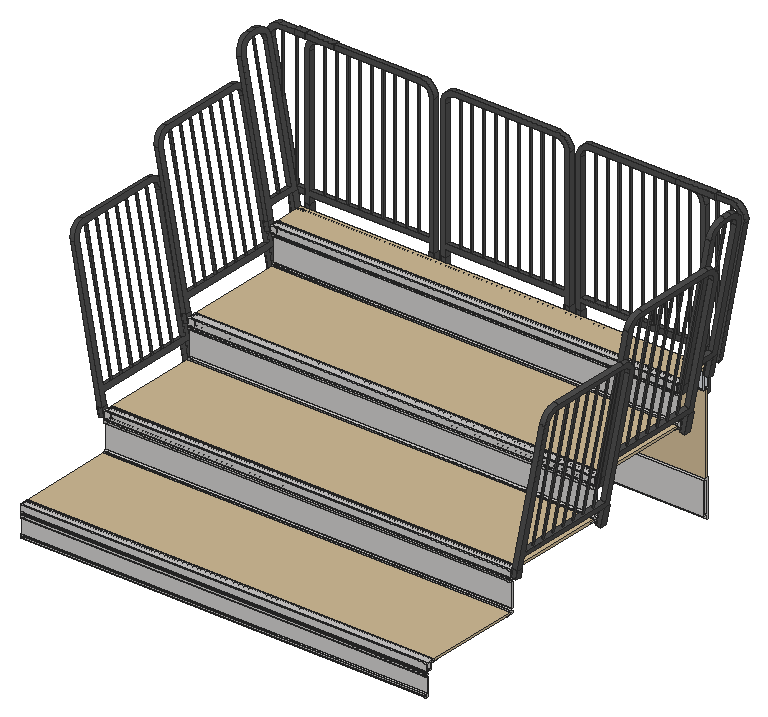
Revit family "Bleacher-Telescopic-Hussey-MAXAM_Plus-Portable-Simplified", category Specialty Equipment, Revit 2025 (continued)
Definition of nested family "Metro Chair-Single Row Array-Simplified"
  Definition of nested family "Metro Chair-Folded-Simplified"
    Automatic sketch dimensions
      curve 137 to level = 0' - 1.87756"
      curve 137 to curve 136 = 0' - 0.6697"
      curve 144 to curve 147 = 0' - 1.80688"
      curve 120 to curve 144 = 0' - 0"
      curve 136 to curve 48 = 0' - 0.05904"
      curve 137 to curve 136 = 0' - 0"
      curve 48 to curve 137 = 0' - 0.84175"
      curve 137 to curve 136 = 0' - 0.15219"
      curve 139 to curve 137 = 0' - 0"
      curve 139 to curve 137 = 0' - 0.1145"
      curve 139 to curve 139 = 0' - 0.3544"
      curve 138 to curve 138 = 0' - 0.11272"
      level to curve 151 = 0' - 1.3279"
      curve 151 to curve 138 = 0' - 0"
      level to curve 151 = 0' - 1.40769"
      curve 151 to curve 138 = 0' - 0.0276"
      curve 144 to plane 6 "Host Level Offset Bottom" = 0' - 3.01073"
      curve 144 to curve 136 = 0' - 2.83816"
      curve 48 to curve 151 = 0' - 0.86035"
      curve 121 to curve 144 = 0' - 2.50621"
      curve 121 to curve 64 = 0' - 0.78114"
      curve 120 to curve 121 = 0' - 0"
      curve 126 to curve 121 = 0' - 0.50508"
      curve 65 to curve 48 = 0' - 1.43202"
      curve 78 to curve 65 = 0' - 0.00021"
      curve 120 to curve 140 = 0' - 3.55256"
      curve 72 to level = 0' - 0.46649"
      curve 72 to curve 65 = 0' - 0.17003"
      curve 126 to curve 121 = 0' - 1.02353"
      curve 129 to curve 126 = 0' - 0"
      level to curve 66 = 0' - 0.295"
      curve 66 to curve 72 = 0' - 0.30991"
      level to curve 47 = 0' - 0.29329"
      curve 47 to curve 66 = 0' - 0.00402"
      curve 66 to curve 66 = 0' - 0.18847"
      curve 67 to curve 66 = 0' - 0.25298"
      curve 72 to level = 0' - 0.2455"
      curve 78 to curve 66 = 0' - 0.31209"
      curve 66 to curve 78 = 0' - 0"
      curve 67 to curve 67 = 0' - 0.20132"
      curve 27 to curve 67 = 0' - 0"
      curve 76 to level = 0' - 0.33448"
      curve 76 to curve 72 = 0' - 0.23363"
      curve 70 to level = 0' - 0.89072"
      curve 70 to curve 76 = 0' - 0.05566"
      plane 7 "Host Level Offset Top" to curve 122 = 0' - 1.451"
      curve 122 to curve 126 = 0' - 0.88457"
      level to curve 63 = 0' - 0.92599"
      curve 63 to curve 67 = 0' - 0.40485"
      level to curve 63 = 0' - 0.96235"
      curve 63 to curve 63 = 0' - 0.0147"
      curve 26 to curve 63 = 0' - 0.0608"
      curve 65 to curve 26 = 0' - 0.00275"
      curve 73 to curve 26 = 0' - 0.01554"
      curve 71 to curve 76 = 0' - 0.23363"
      level to curve 76 = 0' - 0.84223"
      curve 76 to curve 65 = 0' - 0.22642"
      curve 73 to curve 27 = 0' - 0.71712"
      curve 73 to curve 76 = 0' - 0.55295"
      curve 122 to curve 126 = 0' - 1.92498"
      curve 121 to curve 122 = 0' - 0"
      curve 74 to curve 71 = 0' - 1.09878"
      curve 126 to curve 121 = 0' - 0.47817"
      curve 125 to curve 126 = 0' - 0.03453"
      curve 123 to curve 125 = 0' - 0.02477"
      level to curve 75 = 0' - 0.85591"
      curve 75 to curve 73 = 0' - 0.78986"
      curve 122 to curve 123 = 0' - 0.24034"
      plane 7 "Host Level Offset Top" to curve 124 = 0' - 2.67459"
      curve 124 to curve 125 = 0' - 0.31245"
      curve 123 to curve 124 = 0' - 0.02493"
      plane 7 "Host Level Offset Top" to curve 124 = 0' - 2.87768"
      curve 124 to curve 123 = 0' - 0"
      curve 69 to curve 74 = 0' - 1.52678"
      curve 69 to curve 70 = 0' - 0.17797"
      curve 69 to curve 69 = 0' - 0.46726"
      curve 68 to level = 0' - 0.03388"
      curve 68 to curve 69 = 0' - 0.62285"
      plane 5 "Front" to curve 20 = 0' - 0 1/16"
      curve 24 to plane 24 "Attachment to Riser" = 0' - 0 1/16"
      curve 19 to plane 24 "Attachment to Riser" = 0' - 0 1/16"
      plane 24 "Attachment to Riser" to curve 46 = 2' - 4.98618"
      curve 46 to curve 26 = 0' - 0.00098"
      curve 26 to curve 27 = 0' - 0.04541"
      curve 26 to curve 46 = 0' - 0.002"
      curve 64 to curve 140 = 1' - 0.0722"
      curve 94 to level = 0' - 2.54532"
      curve 70 to curve 68 = 0' - 0.2893"
      curve 74 to level = 0' - 0.63718"
      curve 4 to curve 6 = 0' - 0.4867"
      level to curve 141 = 0' - 0.79859"
      curve 5 to curve 7 = 0' - 0.26152"
      curve 102 to curve 87 = 0' - 0.06224"
      curve 103 to curve 102 = 0' - 0.05888"
      curve 7 to curve 15 = 0' - 0.56797"
      curve 16 to curve 19 = 0' - 0 1/16"
      curve 62 to curve 64 = 0' - 0.55614"
      curve 19 to curve 18 = 0' - 0 15/16"
      curve 60 to curve 62 = 0' - 0.2554"
      curve 101 to curve 104 = 0' - 0.04309"
      curve 115 to curve 119 = 0' - 0.58086"
      curve 104 to curve 100 = 0' - 0.04355"
      curve 130 to curve 131 = 0' - 0.09299"
      curve 115 to curve 114 = 0' - 0.2362"
      curve 131 to curve 134 = 0' - 0.25676"
      curve 113 to curve 113 = 0' - 0.23146"
      curve 119 to curve 115 = 0' - 0.00397"
      curve 116 to curve 115 = 0' - 0.00158"
      curve 112 to curve 112 = 0' - 0.58957"
      curve 112 to curve 111 = 0' - 0.00477"
      curve 18 to curve 9 = 0' - 1 3/8"
      curve 111 to curve 133 = 0' - 0.38526"
      curve 111 to curve 133 = 0' - 0.39744"
      curve 134 to curve 110 = 0' - 1.4067"
      curve 85 to curve 109 = 0' - 1.70877"
      curve 9 to curve 24 = 0' - 0 5/8"
      curve 109 to curve 127 = 0' - 0.22059"
      curve 110 to curve 132 = 0' - 0.3523"
      curve 94 to curve 80 = 0' - 0.73457"
      curve 84 to curve 82 = 0' - 0.02464"
      curve 121 to curve 129 = 0' - 1.2907"
      curve 94 to curve 98 = 0' - 0.23274"
      curve 132 to curve 13 = 0' - 0.18433"
      curve 80 to curve 79 = 0' - 0.21879"
      curve 82 to curve 80 = 0' - 0.06944"
      curve 98 to curve 99 = 0' - 0 19/128"
      curve 123 to curve 125 = 0' - 0.20177"
      curve 9 to curve 10 = 0' - 1 3/8"
      curve 23 to curve 22 = 0' - 0 15/16"
      curve 21 to curve 14 = 0' - 0 1/16"
      curve 10 to curve 12 = 0' - 0 1/4"
      level to curve 149 = 0' - 1.40769"
      plane 26 to curve 149 = 1' - 6.66057"
      curve 149 to curve 148 = 0' - 0.11721"
      curve 149 to curve 148 = 0' - 0"
      curve 149 to curve 149 = 0' - 0.11905"
      curve 150 to curve 148 = 0' - 0"
      plane 6 "Host Level Offset Bottom" to curve 148 = 0' - 3.84649"
      curve 150 to plane 6 "Host Level Offset Bottom" = 0' - 4.69744"
      curve 148 to curve 150 = 0' - 1.80319"
      level to curve 150 = 0' - 2.49508"
      curve 149 to curve 150 = 0' - 2.55721"
    Nested families (in)
      nested 1: "Metro Chair-2D Plan" at (-109.5, -12, 12), type "Metro Chair-2D Plan"
    Definition of nested family "Metro Chair-2D Plan"
      Parameters
        Default Elevation = 0' - 0"
        Created By = "Revitus"  # constant formula
        Creator URL = "http://www.revituspro.com/"
      Reference planes (in)
        plane 1 "Center (Front/Back)": y = 0
        plane 2: z = 0
        plane 3 "Center (Left/Right)": x = 0
      Lines and regions (in)
        Masking region 1
          outline origin (109.57707, 11.99477, 0) x (1, 0, 0) y (0, 1, 0)
            loop
              arc (-114.44926, -8.83618) -> (-115.08126, -8.94929) -> (-115.70753, -9.0907) r 14.27785
              arc (-115.70753, -9.0907) -> (-116.20556, -9.23429) -> (-116.68883, -9.42164) r 5.81636
              arc (-116.68883, -9.42164) -> (-117.011, -9.59758) -> (-117.29313, -9.83243) r 1.89191
              arc (-117.29313, -9.83243) -> (-117.46059, -10.07738) -> (-117.54238, -10.36259) r 0.93009
              arc (-117.54238, -10.36259) -> (-117.55749, -10.5444) -> (-117.57095, -10.72635) r 20.12699
              arc (-117.57095, -10.72635) -> (-117.64499, -12.08845) -> (-117.89752, -13.42899) r 10.34978
              arc (-117.89752, -13.42899) -> (-117.97658, -13.7437) -> (-118.05726, -14.05799) r 63.50731
              line (-118.05726, -14.05799) -> (-118.08112, -14.15075)
              arc (-118.08112, -14.15075) -> (-118.14175, -14.38729) -> (-118.20133, -14.6241) r 54.94124
              arc (-118.20133, -14.6241) -> (-118.26569, -14.90445) -> (-118.31945, -15.18701) r 7.64437
              arc (-118.31945, -15.18701) -> (-118.40719, -15.84832) -> (-118.46583, -16.51284) r 15.2029
              line (-118.46583, -16.51284) -> (-118.4805, -16.69575) -> (-118.50241, -16.95935) -> (-118.53395, -17.335)
              arc (-118.53395, -17.335) -> (-118.457, -17.48387) -> (-118.30054, -17.54391) r 0.23557
              line (-118.30054, -17.54391) -> (-117.18551, -17.53971)
              arc (-117.18551, -17.53971) -> (-117.00993, -17.46042) -> (-116.94956, -17.27747) r 0.23949
              arc (-116.94956, -17.27747) -> (-116.95084, -17.04557) -> (-116.94811, -16.81367) r 13.38597
              arc (-116.94811, -16.81367) -> (-116.90069, -16.27266) -> (-116.81229, -15.73681) r 7.14097
              arc (-116.81229, -15.73681) -> (-116.66021, -15.11684) -> (-116.44157, -14.51709) r 5.85858
              arc (-116.44157, -14.51709) -> (-116.36868, -14.35986) -> (-116.28861, -14.20616) r 3.75283
              arc (-116.28861, -14.20616) -> (-116.00556, -14.05744) -> (-115.70156, -13.95837) r 1.89664
              arc (-115.70156, -13.95837) -> (-115.42559, -13.88799) -> (-115.1478, -13.82518) r 10.42316
              arc (-115.1478, -13.82518) -> (-114.81268, -13.75676) -> (-114.47641, -13.69417) r 19.68683
              arc (-114.47641, -13.69417) -> (-114.06818, -13.62437) -> (-113.65908, -13.55986) r 31.98673
              arc (-113.65908, -13.55986) -> (-113.11985, -13.48242) -> (-112.57949, -13.4133) r 35.32242
              arc (-112.57949, -13.4133) -> (-111.80159, -13.32905) -> (-111.02176, -13.26518) r 29.90804
              arc (-111.02176, -13.26518) -> (-110.29984, -13.2277) -> (-109.57707, -13.21444) r 21.56131
              arc (-109.57707, -13.21444) -> (-108.8543, -13.2277) -> (-108.13238, -13.26518) r 21.56131
              arc (-108.13238, -13.26518) -> (-107.35254, -13.32905) -> (-106.57464, -13.4133) r 29.90804
              arc (-106.57464, -13.4133) -> (-106.03429, -13.48242) -> (-105.49506, -13.55986) r 35.32242
              arc (-105.49506, -13.55986) -> (-105.08596, -13.62437) -> (-104.67772, -13.69417) r 31.98673
              arc (-104.67772, -13.69417) -> (-104.34146, -13.75676) -> (-104.00633, -13.82518) r 19.68683
              arc (-104.00633, -13.82518) -> (-103.72854, -13.88799) -> (-103.45258, -13.95837) r 10.42316
              arc (-103.45258, -13.95837) -> (-103.14857, -14.05744) -> (-102.86553, -14.20616) r 1.89664
              arc (-102.86553, -14.20616) -> (-102.78546, -14.35986) -> (-102.71256, -14.51709) r 3.75283
              arc (-102.71256, -14.51709) -> (-102.49393, -15.11684) -> (-102.34184, -15.73681) r 5.85858
              arc (-102.34184, -15.73681) -> (-102.25344, -16.27266) -> (-102.20603, -16.81367) r 7.14097
              arc (-102.20603, -16.81367) -> (-102.20329, -17.04557) -> (-102.20457, -17.27747) r 13.38597
              arc (-102.20457, -17.27747) -> (-102.1442, -17.46042) -> (-101.96863, -17.53971) r 0.23949
              line (-101.96863, -17.53971) -> (-100.8536, -17.54391)
              arc (-100.8536, -17.54391) -> (-100.69714, -17.48387) -> (-100.62018, -17.335) r 0.23557
              line (-100.62018, -17.335) -> (-100.65173, -16.95935) -> (-100.67363, -16.69575) -> (-100.6883, -16.51284)
              arc (-100.6883, -16.51284) -> (-100.74694, -15.84832) -> (-100.83468, -15.18701) r 15.2029
              arc (-100.83468, -15.18701) -> (-100.88845, -14.90445) -> (-100.95281, -14.6241) r 7.64437
              arc (-100.95281, -14.6241) -> (-101.01238, -14.38729) -> (-101.07301, -14.15075) r 54.94124
              line (-101.07301, -14.15075) -> (-101.09687, -14.05799)
              arc (-101.09687, -14.05799) -> (-101.17755, -13.7437) -> (-101.25662, -13.42899) r 63.50731
              arc (-101.25662, -13.42899) -> (-101.50915, -12.08845) -> (-101.58318, -10.72635) r 10.34978
              arc (-101.58318, -10.72635) -> (-101.59664, -10.5444) -> (-101.61175, -10.36259) r 20.12699
              arc (-101.61175, -10.36259) -> (-101.69355, -10.07738) -> (-101.861, -9.83243) r 0.93009
              arc (-101.861, -9.83243) -> (-102.14313, -9.59758) -> (-102.4653, -9.42164) r 1.89191
              arc (-102.4653, -9.42164) -> (-102.94857, -9.23429) -> (-103.4466, -9.0907) r 5.81636
              arc (-103.4466, -9.0907) -> (-104.07288, -8.94929) -> (-104.70487, -8.83618) r 14.27785
              arc (-104.70487, -8.83618) -> (-105.42099, -8.73397) -> (-106.13987, -8.65342) r 23.97251
              arc (-106.13987, -8.65342) -> (-106.95432, -8.58448) -> (-107.77027, -8.53637) r 31.99767
              arc (-107.77027, -8.53637) -> (-108.67343, -8.50495) -> (-109.57707, -8.49477) r 38.43776
              arc (-109.57707, -8.49477) -> (-110.48071, -8.50495) -> (-111.38386, -8.53637) r 38.43776
              arc (-111.38386, -8.53637) -> (-112.19981, -8.58448) -> (-113.01427, -8.65342) r 31.99767
              arc (-113.01427, -8.65342) -> (-113.73314, -8.73397) -> (-114.44926, -8.83618) r 23.97251
            loop
              arc (-109.57707, -14.03505) -> (-112.00982, -14.13419) -> (-114.43848, -14.30649) r 80.89249
              arc (-114.43848, -14.30649) -> (-114.78323, -14.35257) -> (-115.12523, -14.4159) r 6.92664
              arc (-115.12523, -14.4159) -> (-115.74074, -14.72617) -> (-116.14273, -15.2861) r 1.4462
              arc (-116.14273, -15.2861) -> (-116.21214, -15.58271) -> (-116.25854, -15.88377) r 3.9602
              arc (-116.25854, -15.88377) -> (-116.31031, -16.70559) -> (-116.32416, -17.52892) r 17.86323
              arc (-116.32416, -17.52892) -> (-116.33953, -17.85271) -> (-116.36909, -18.17552) r 7.39074
              arc (-116.36909, -18.17552) -> (-116.49609, -18.69425) -> (-116.71446, -19.18161) r 2.9527
              arc (-116.71446, -19.18161) -> (-117.10122, -19.91263) -> (-117.25753, -20.72475) r 2.79982
              arc (-117.25753, -20.72475) -> (-117.22822, -21.15131) -> (-117.20422, -21.5782) r 34.37689
              arc (-117.20422, -21.5782) -> (-117.11629, -21.80862) -> (-116.95159, -21.99218) r 0.67622
              arc (-116.95159, -21.99218) -> (-116.37688, -22.30061) -> (-115.75605, -22.5006) r 3.60984
              arc (-115.75605, -22.5006) -> (-112.68598, -23.01834) -> (-109.57707, -23.18583) r 27.50676
              arc (-109.57707, -23.18583) -> (-106.46816, -23.01834) -> (-103.39809, -22.5006) r 27.50676
              arc (-103.39809, -22.5006) -> (-102.77726, -22.30061) -> (-102.20255, -21.99218) r 3.60984
              arc (-102.20255, -21.99218) -> (-102.03784, -21.80862) -> (-101.94991, -21.5782) r 0.67622
              arc (-101.94991, -21.5782) -> (-101.92591, -21.15131) -> (-101.8966, -20.72475) r 34.37689
              arc (-101.8966, -20.72475) -> (-102.05292, -19.91263) -> (-102.43967, -19.18161) r 2.79982
              arc (-102.43967, -19.18161) -> (-102.65804, -18.69425) -> (-102.78505, -18.17552) r 2.9527
              arc (-102.78505, -18.17552) -> (-102.8146, -17.85271) -> (-102.82998, -17.52892) r 7.39074
              arc (-102.82998, -17.52892) -> (-102.84382, -16.70559) -> (-102.89559, -15.88377) r 17.86323
              arc (-102.89559, -15.88377) -> (-102.942, -15.58271) -> (-103.0114, -15.2861) r 3.9602
              arc (-103.0114, -15.2861) -> (-103.41339, -14.72617) -> (-104.0289, -14.4159) r 1.4462
              arc (-104.0289, -14.4159) -> (-104.37091, -14.35257) -> (-104.71566, -14.30649) r 6.92664
              arc (-104.71566, -14.30649) -> (-107.14432, -14.13419) -> (-109.57707, -14.03505) r 80.89249
      Dimensions and locks (in)
        aligned and locked: level to plane 2
